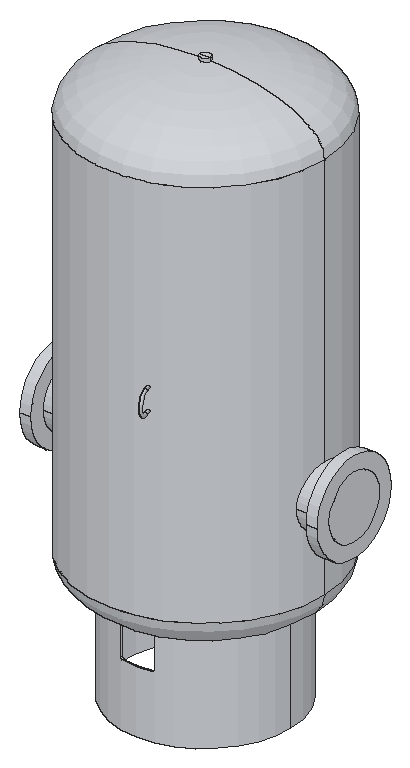
Revit family "CWBT500-10-125", category Mechanical Equipment, Revit 2014
Parameters (values of type "CWBT500-10-125")
  Tank Weight = "1490 lbs"
  Tank Volume = "500 Gal"
  Tank Height = "99 15/32\""
  Tank Diameter = "42\""
  Note = "All dimensions and weights are approximate"
  Maximum Acceptance Volume = "N/A"
  Max Operating Temp = "450° F"
  Max Operating Pressure = "125 psi"
  Connector Size = "10\""
Types (3): name | Tank Weight
  (no name) | "1490 lbs"
  CWBT500-6-125 | "1366 lbs"
  CWBT500-10-125 | "1490 lbs"
Reference planes (in)
  plane 1 "Center (Front/Back)": y = 0
  plane 2: z = 0
  plane 3 "Center (Left/Right)": x = 0
Forms (in)
  Extrusion 1, solid
    sketch origin (0, 0, 0) x (1, 0, 0) y (0, 1, 0)
      loop
        circle (0, 0) r 15
      loop
        circle (0, 0) r 14.8125
    from 0 to 17
  Extrusion 2, void
    sketch origin (0, 0, 0) x (1, 0, 0) y (0, 0, 1)
      loop
        arc (-3.4137, 17) -> (-3.12117, 16.87883) -> (-3, 16.5863) r 0.4137
        line (-3, 16.5863) -> (-3, 11.4137)
        arc (-3, 11.4137) -> (-2.87883, 11.12117) -> (-2.5863, 11) r 0.4137
        line (-2.5863, 11) -> (2.5863, 11)
        arc (2.5863, 11) -> (2.87883, 11.12117) -> (3, 11.4137) r 0.4137
        line (3, 11.4137) -> (3, 16.5863)
        arc (3, 16.5863) -> (3.12117, 16.87883) -> (3.4137, 17) r 0.4137
        line (3.4137, 17) -> (-3.4137, 17)
    from 0 to 25
  Revolve 3, solid
    sketch origin (0, 0, 0) x (1, 0, 0) y (0, 0, 1)
      loop
        line (0, 99.99935) -> (0, 14.02873) -> (0.875, 14.02873) -> (0.875, 14.53598)
        spline (0.875, 14.53598) -> (3.52614, 14.64849) -> (6.12012, 14.89509) -> (8.61487, 15.27179) -> (10.96995, 15.77247) -> (13.14717, 16.38901) -> (15.11124, 17.11143) -> (16.83031, 17.928) -> (18.27652, 18.8255) -> (19.42641, 19.78936) -> (20.26134, 20.80396) -> (20.76777, 21.85286) -> (20.9375, 22.91904)
        line (20.9375, 22.91904) -> (20.9375, 91.10904)
        spline (20.9375, 91.10904) -> (20.76785, 92.17497) -> (20.26165, 93.22362) -> (19.42711, 94.23801) -> (18.27775, 95.2017) -> (16.83219, 96.09906) -> (15.11385, 96.91555) -> (13.1506, 97.63795) -> (10.97424, 98.25455) -> (8.62003, 98.75535) -> (6.12614, 99.13224) -> (3.53297, 99.37912) -> (0.88255, 99.49197)
        line (0.88255, 99.49197) -> (0.88255, 99.99935) -> (0, 99.99935)
      axis (0, 99.99935) -> (0, 14.02873)
    angle from 0 to 360
  Sweep 4, solid
    path origin (0.54241, -3.05533, 10.61318) x (0.305343, -0.952243, 0) y (0, 0, 1)
      loop
        line (17.83546, 48.42089) -> (18.83546, 48.42089)
        arc (18.83546, 48.42089) -> (20.71046, 46.54589) -> (18.83546, 44.67089) r 1.875
        line (18.83546, 44.67089) -> (17.83546, 44.67089)
    profile origin (6.14101, -20.51514, 59.03407) x (0, 0, 1) y (-0.952243, -0.305343, 0)
      loop
        circle (0, 0) r 0.25
  Extrusion 5, solid
    sketch origin (0, 0, 0) x (0, 1, 0) y (0, 0, 1)
      loop
        circle (0, 38.5) r 5.44
    from 0 to 26
  Extrusion 6, solid
    sketch origin (0, 0, 0) x (0, 1, 0) y (0, 0, 1)
      loop
        circle (0, 38.5) r 5.44
    from 0 to -26
  Extrusion 7, solid
    sketch origin (0, 0, 0) x (0, 1, 0) y (0, 0, 1)
      loop
        circle (0, 38.5) r 8
    from -24.0625 to -26
  Extrusion 8, solid
    sketch origin (0, 0, 0) x (0, 1, 0) y (0, 0, 1)
      loop
        circle (0, 38.5) r 8
    from 24.0625 to 26
Cuts and joins
  Extrusion 2 cuts Extrusion 1
Dimensions and locks (in)
  aligned and locked: level to plane 2
